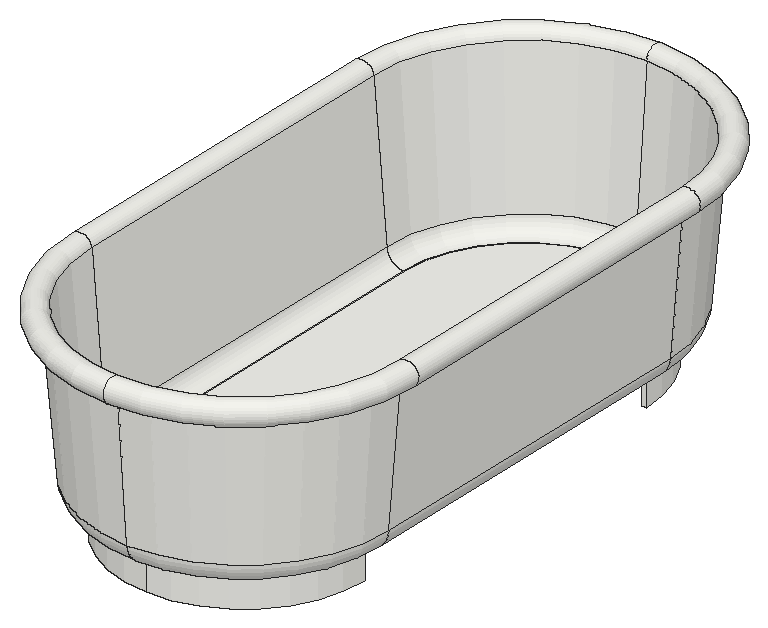
Revit family
Parameters (values of type "760 x 1525mm")
  Height = 460.00 mm
  Length = 1525.00 mm
  Tub Material = Porcelain - Ivory
  Width = 760.00 mm
Reference planes
  plane 1 "Center (Front/Back)": y = 0
  plane 2: z = 0
  plane 3 "Center (Left/Right)": x = 0
  plane 4: x = 380
  plane 5: x = -380
  plane 6: y = 762.5
  plane 7: y = -762.5
  plane 8: z = 434.6
  plane 9: z = 66.3
  plane 10: z = 460
Forms (mm)
  Sweep 1, solid, material "Porcelain - Ivory"
    path origin (0, 0, 434.6) x (1, 0, 0) y (0, 1, 0)
      loop
        arc (329.2, 382.5) -> (232.78, 615.28) -> (0, 711.7) r 329.2
        arc (0, 711.7) -> (-232.78, 615.28) -> (-329.2, 382.5) r 329.2
        line (-329.2, 382.5) -> (-329.2, -382.5)
        arc (-329.2, -382.5) -> (-232.78, -615.28) -> (0, -711.7) r 329.2
        arc (0, -711.7) -> (232.78, -615.28) -> (329.2, -382.5) r 329.2
        line (329.2, -382.5) -> (329.2, 382.5)
    profile origin (0, 0, 434.6) x (1, 0, 0) y (0, 0, 1)
      loop
        line (329.456, 3.598) -> (301.237, -318.943)
        arc (301.237, -318.943) -> (289.022, -343.713) -> (263.282, -353.723) r 38.1
        line (263.282, -353.723) -> (263.282, -368.646)
        arc (263.282, -368.646) -> (299.105, -354.716) -> (316.105, -320.244) r 53.024
        line (316.105, -320.244) -> (341.9, -25.4) -> (354.6, -25.4)
        arc (354.6, -25.4) -> (373.791, 16.64) -> (329.456, 3.598) r 25.4
  Extrusion 2, solid, material "Porcelain - Ivory"
    sketch origin (0, 0, 66.3) x (0, -1, 0) y (1, 0, 0)
      loop
        line (-382.5, -263.282) -> (382.5, -263.282)
        arc (382.5, -263.282) -> (568.669, -186.169) -> (645.782, 0) r 263.282
        arc (645.782, 0) -> (568.669, 186.169) -> (382.5, 263.282) r 263.282
        line (382.5, 263.282) -> (-382.5, 263.282)
        arc (-382.5, 263.282) -> (-568.669, 186.169) -> (-645.782, 0) r 263.282
        arc (-645.782, 0) -> (-568.669, -186.169) -> (-382.5, -263.282) r 263.282
    from 0 to 15.081
  Extrusion 3, solid, material "Porcelain - Ivory"
    sketch origin (0, 0, 0) x (1, 0, 0) y (0, 1, 0)
      loop
        arc (-263.282, -382.5) -> (-186.169, -568.669) -> (0, -645.782) r 263.282
        arc (0, -645.782) -> (186.169, -568.669) -> (263.282, -382.5) r 263.282
        line (263.282, -382.5) -> (253, -382.5)
        arc (253, -382.5) -> (178.898, -561.398) -> (0, -635.5) r 253
        arc (0, -635.5) -> (-178.898, -561.398) -> (-253, -382.5) r 253
        line (-253, -382.5) -> (-263.282, -382.5)
    from 0 to 66.3
  Extrusion 4, solid, material "Porcelain - Ivory"
    sketch origin (0, 0, 0) x (1, 0, 0) y (0, 1, 0)
      loop
        arc (-253, 382.5) -> (-178.898, 561.398) -> (0, 635.5) r 253
        arc (0, 635.5) -> (178.898, 561.398) -> (253, 382.5) r 253
        line (253, 382.5) -> (263.282, 382.5)
        arc (263.282, 382.5) -> (186.169, 568.669) -> (0, 645.782) r 263.282
        arc (0, 645.782) -> (-186.169, 568.669) -> (-263.282, 382.5) r 263.282
        line (-263.282, 382.5) -> (-253, 382.5)
    from 0 to 66.3
Lines and regions (mm)
  symbolic lines
    curve 1: line (-25.4, 762.5, 0) -> (25.4, 762.5, 0)
    curve 2: line (-380, -407.9, 0) -> (-380, 407.9, 0)
    curve 3: line (25.4, -762.5, 0) -> (-25.4, -762.5, 0)
    curve 4: line (380, 407.9, 0) -> (380, -407.9, 0)
    curve 5: arc (-25.4, 762.5, 0) -> (-276.14, 658.64, 0) -> (-380, 407.9, 0) r 354.6
    curve 6: arc (25.4, 762.5, 0) -> (276.14, 658.64, 0) -> (380, 407.9, 0) r 354.6
    curve 7: arc (-25.4, -762.5, 0) -> (-276.14, -658.64, 0) -> (-380, -407.9, 0) r 354.6
    curve 8: arc (380, -407.9, 0) -> (276.14, -658.64, 0) -> (25.4, -762.5, 0) r 354.6
    curve 9: line (-329.2, -382.5, 0) -> (-329.2, 382.5, 0)
    curve 10: line (329.2, 382.5, 0) -> (329.2, -382.5, 0)
    curve 11: arc (-329.2, 382.5, 0) -> (0, 711.7, 0) -> (329.2, 382.5, 0) r 329.2
    curve 12: arc (-329.2, -382.5, 0) -> (0, -711.7, 0) -> (329.2, -382.5, 0) r 329.2
    curve 13: arc (25.4, 407.9, 0) -> (0, 433.3, 0) -> (-25.4, 407.9, 0) r 25.4
    curve 14: arc (-25.4, 407.9, 0) -> (0, 382.5, 0) -> (25.4, 407.9, 0) r 25.4
Dimensions and locks
  equal spacing: plane 5, plane 3 "Center (Left/Right)", plane 4
  equal spacing: plane 7, plane 1 "Center (Front/Back)", plane 6
  "Width": plane 5 to plane 4
  "Length": plane 7 to plane 6
  locked: plane 9 to plane 8 at 368.3
  locked: plane 8 to plane 10 at 25.4
  "Height": plane 2 to plane 10
  locked: Sweep 1 sketch curve to plane 6 at 50.8
  locked: plane 7 to Sweep 1 sketch curve at 50.8
  locked: plane 7 to Extrusion 2 sketch curve at 116.718
  locked: plane 7 to Extrusion 3 sketch curve at 116.718
  locked: Extrusion 4 sketch curve to plane 6 at 116.718
  locked: Extrusion 4 sketch curve to plane 4 at 116.718
  aligned and locked: Extrusion 3 to plane 9
  aligned and locked: Extrusion 4 to plane 9
Automatic sketch dimensions
  curve 7 to plane 5 = 0.00 mm
  curve 5 to plane 6 = 0.00 mm
  curve 3 to plane 7 = 0.00 mm
  curve 13 to plane 3 "Center (Left/Right)" = 0.00 mm
  curve 11 to plane 3 "Center (Left/Right)" = 0.00 mm
  curve 4 to plane 4 = 0.00 mm
  curve 11 to plane 5 = 50.80 mm
  curve 14 to plane 3 "Center (Left/Right)" = 25.40 mm
  curve 5 to plane 3 "Center (Left/Right)" = 25.40 mm
  curve 7 to plane 3 "Center (Left/Right)" = 25.40 mm
  plane 3 "Center (Left/Right)" to curve 3 = 25.40 mm
  curve 6 to curve 13 = 0.00 mm
  curve 4 to curve 10 = 25.40 mm
  curve 9 to curve 2 = 25.40 mm
  curve 13 to curve 6 = 0.00 mm
  Sweep 1 sketch curve to plane 8 = 0.00 mm
  profile plane to Sweep 1 sketch curve = 65.918 mm
  profile plane to Sweep 1 sketch curve = 27.963 mm
  profile plane to Sweep 1 sketch curve = 13.095 mm
  Sweep 1 sketch curve to profile plane = 0.256 mm
  Sweep 1 sketch curve to profile plane = 12.70 mm
  Sweep 1 sketch curve to Sweep 1 sketch curve = 12.70 mm
  Sweep 1 sketch curve to Sweep 1 sketch curve = 25.40 mm
  Sweep 1 sketch curve to Sweep 1 sketch curve = 290.223 mm
  Sweep 1 sketch curve to Sweep 1 sketch curve = 0.00 mm
  Sweep 1 sketch curve to Sweep 1 sketch curve = 3.321 mm
  Sweep 1 sketch curve to Sweep 1 sketch curve = 1.301 mm
  Sweep 1 sketch curve to plane 3 "Center (Left/Right)" = 0.00 mm  (x2)
  Sweep 1 sketch curve to plane 5 = 50.80 mm
  plane 4 to Sweep 1 sketch curve = 50.80 mm
  Extrusion 2 sketch curve to plane 3 "Center (Left/Right)" = 0.00 mm  (x2)
  plane 6 to Extrusion 2 sketch curve = 116.718 mm
  plane 4 to Extrusion 2 sketch curve = 116.718 mm
  Extrusion 2 sketch curve to Extrusion 2 sketch curve = 0.00 mm
  Extrusion 3 sketch curve to plane 3 "Center (Left/Right)" = 0.00 mm  (x2)
  Extrusion 3 sketch curve to plane 5 = 127.00 mm
  Extrusion 3 sketch curve to Extrusion 3 sketch curve = 10.282 mm
  plane 4 to Extrusion 3 sketch curve = 127.00 mm
  Extrusion 4 sketch curve to plane 3 "Center (Left/Right)" = 0.00 mm  (x2)
  Extrusion 4 sketch curve to plane 5 = 127.00 mm
  Extrusion 4 sketch curve to Extrusion 4 sketch curve = 10.282 mm
